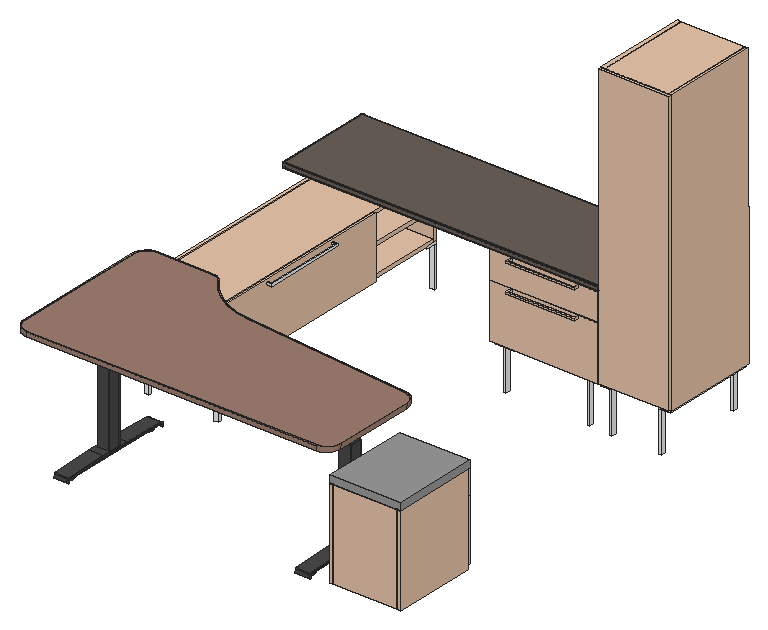
Revit family "OFS TYPICALS T100176", category Furniture, Revit 2022 (continued)
Definition of nested family "OFS STAKS HEIGHT ADJUSTABLE WING TOP Right"
  Definition of nested family "OFS RANGE HEIGHT ADJUSTABLE FRAME KIT"
    Dimensions and locks (in)
      locked: plane 35 to plane 10 at 0.25
      locked: plane 13 to plane 38 at 0.25
      locked: plane 37 to plane 11 at 0.25
      plane 4 "Left" to plane 39 to plane 40 to plane 41 to plane 42 = 0' - 2 1/2" locked, 0' - 0 1/2" locked, 0' - 0 3/4" locked, 0' - 0 1/2" locked
      plane 5 "Right" to plane 43 to plane 44 to plane 45 to plane 46 = 0' - 2 1/2" locked, 0' - 0 1/2" locked, 0' - 0 3/4" locked, 0' - 0 1/2" locked
      aligned and locked: level to plane 1
      aligned and locked: Extrusion 1 sketch curve to plane 14
      aligned and locked: Extrusion 1 sketch curve to plane 12
      aligned and locked: plane 15 to Extrusion 1 sketch curve
      aligned and locked: plane 10 to Extrusion 1 sketch curve
      aligned and locked: Extrusion 2 sketch curve to plane 6
      aligned and locked: plane 4 "Left" to Extrusion 2 sketch curve
      aligned and locked: Extrusion 2 sketch curve to plane 17
      aligned and locked: plane 3 "Front" to Extrusion 2
      aligned and locked: Extrusion 2 to plane 19
      aligned and locked: plane 6 to Extrusion 3 sketch curve
      aligned and locked: Extrusion 3 sketch curve to plane 21
      aligned and locked: Extrusion 3 sketch curve to plane 20
      aligned and locked: plane 22 to Extrusion 3 sketch curve
      aligned and locked: Extrusion 3 sketch curve to plane 6
      aligned and locked: plane 23 to Extrusion 3 sketch curve
      aligned and locked: plane 20 to Extrusion 3 sketch curve
      aligned and locked: Extrusion 3 sketch curve to plane 24
      aligned and locked: Extrusion 3 to plane 17
      aligned and locked: plane 25 to Extrusion 3
      aligned and locked: Extrusion 4 to plane 25
      aligned and locked: plane 9 to Extrusion 1
      aligned and locked: plane 27 to Extrusion 5
      aligned and locked: plane 28 to Extrusion 5
      aligned and locked: Extrusion 6 to plane 9
      aligned and locked: plane 27 to Extrusion 6
      aligned and locked: plane 24 to Blend 7 sketch curve  (x2)
      aligned and locked: Blend 7 sketch curve to plane 22  (x2)
      aligned and locked: plane 17 to Blend 7 sketch curve
      aligned and locked: Blend 7 sketch curve to plane 17
      aligned and locked: Blend 7 to plane 28
      aligned and locked: plane 6 to Blend 7
      aligned and locked: Extrusion 1 to plane 29
      aligned and locked: plane 33 to Revolve 8
      aligned and locked: plane 34 to Revolve 9
      aligned and locked: Extrusion 10 to plane 35
      aligned and locked: plane 36 to Extrusion 10
      aligned and locked: Extrusion 11 to plane 35
      aligned and locked: plane 36 to Extrusion 11
      aligned and locked: Extrusion 12 sketch curve to plane 16
      aligned and locked: plane 31 to Extrusion 12
      aligned and locked: Extrusion 12 to plane 32
      aligned and locked: plane 33 to Extrusion 21
      aligned and locked: plane 40 to Extrusion 21
      aligned and locked: plane 34 to Extrusion 26
      aligned and locked: plane 40 to Extrusion 26
      aligned and locked: plane 2 "Center Left/Right" to Extrusion 4
    Automatic sketch dimensions
      plane 10 to Extrusion 1 sketch curve = 0' - 0 1/8"  (x2)
      Extrusion 1 sketch curve to Extrusion 1 sketch curve = 0' - 0 1/8"  (x2)
      plane 23 to Extrusion 3 sketch curve = 0' - 0 1/8"
      Extrusion 3 sketch curve to Extrusion 3 sketch curve = 0' - 0 1/8"  (x3)
      Extrusion 3 sketch curve to plane 24 = 0' - 0 1/8"
      plane 20 to Extrusion 3 sketch curve = 0' - 0 1/8"
      Extrusion 3 sketch curve to plane 22 = 0' - 0 1/8"
      plane 21 to Extrusion 3 sketch curve = 0' - 0 1/8"
      plane 10 to Extrusion 6 sketch curve = 0' - 0 1/8"
      Extrusion 6 sketch curve to Extrusion 6 sketch curve = 0' - 0 1/8"  (x2)
      plane 15 to Extrusion 6 sketch curve = 0' - 0 1/8"
      Extrusion 6 sketch curve to plane 12 = 0' - 0 1/4"  (x2)
      Extrusion 6 sketch curve to plane 12 = 0' - 0 1/8"
      Extrusion 6 sketch curve to plane 14 = 0' - 0 1/8"
      Revolve 8 sketch curve to plane 16 = 0' - 0"
      level to Revolve 8 sketch curve = 0' - 0.03937"
      Revolve 8 sketch curve to plane 39 = 0' - 0.13403"
      plane 39 to Revolve 8 sketch curve = 0' - 0.04527"
      plane 40 to Revolve 8 sketch curve = 0' - 0 3/8"
      Revolve 8 sketch curve to Revolve 8 sketch curve = 0' - 0.15632"
      Revolve 8 sketch curve to Revolve 8 sketch curve = 0' - 0"  (x2)
      Revolve 8 sketch curve to level = 0' - 1.46063"
      Revolve 9 sketch curve to plane 16 = 0' - 0"
      level to Revolve 9 sketch curve = 0' - 0.03937"
      Revolve 9 sketch curve to plane 39 = 0' - 0.13403"
      plane 39 to Revolve 9 sketch curve = 0' - 0.04527"
      plane 40 to Revolve 9 sketch curve = 0' - 0 3/8"
      Revolve 9 sketch curve to Revolve 9 sketch curve = 0' - 0.15632"
      Revolve 9 sketch curve to Revolve 9 sketch curve = 0' - 0"  (x2)
      Revolve 9 sketch curve to level = 0' - 1.46063"
      Extrusion 14 sketch curve to Extrusion 14 sketch curve = 0' - 1.10599"
      Extrusion 14 sketch curve to Extrusion 14 sketch curve = 0' - 0.01799"
      Extrusion 14 sketch curve to Extrusion 14 sketch curve = 0' - 0.02227"
      Extrusion 14 sketch curve to Extrusion 14 sketch curve = 0' - 0.04564"
      Extrusion 14 sketch curve to Extrusion 14 sketch curve = 0' - 0.02843"
      Extrusion 14 sketch curve to Extrusion 14 sketch curve = 0' - 0.04493"
      Extrusion 14 sketch curve to Extrusion 14 sketch curve = 0' - 0.25775"
      Extrusion 14 sketch curve to Extrusion 14 sketch curve = 0' - 0.27859"
      Extrusion 14 sketch curve to Extrusion 14 sketch curve = 0' - 0.01124"
      Extrusion 14 sketch curve to Extrusion 14 sketch curve = 0' - 0.02359"
      Extrusion 14 sketch curve to Extrusion 14 sketch curve = 0' - 0.04388"
      Extrusion 14 sketch curve to Extrusion 14 sketch curve = 0' - 0.01898"
      Extrusion 14 sketch curve to Extrusion 14 sketch curve = 0' - 0.05903"
      Extrusion 15 sketch curve to Extrusion 15 sketch curve = 0' - 0"  (x4)
      Extrusion 15 sketch curve to Extrusion 15 sketch curve = 0' - 0.06204"
      Extrusion 14 sketch curve to Extrusion 14 sketch curve = 0' - 0.02991"
      Extrusion 14 sketch curve to Extrusion 14 sketch curve = 0' - 0.19972"
      Extrusion 14 sketch curve to Extrusion 14 sketch curve = 0' - 0.0659"
      Extrusion 14 sketch curve to Extrusion 14 sketch curve = 0' - 0.07852"
      Extrusion 15 sketch curve to Extrusion 15 sketch curve = 0' - 1.01735"  (x2)
      Extrusion 15 sketch curve to Extrusion 15 sketch curve = 0' - 0.315"
      Extrusion 19 sketch curve to Extrusion 19 sketch curve = 0' - 1.10599"
      Extrusion 19 sketch curve to Extrusion 19 sketch curve = 0' - 0.01799"
      Extrusion 19 sketch curve to Extrusion 19 sketch curve = 0' - 0.02227"
      Extrusion 19 sketch curve to Extrusion 19 sketch curve = 0' - 0.04564"
      Extrusion 19 sketch curve to Extrusion 19 sketch curve = 0' - 0.02843"
      Extrusion 19 sketch curve to Extrusion 19 sketch curve = 0' - 0.04493"
      Extrusion 19 sketch curve to Extrusion 19 sketch curve = 0' - 0.25775"
      Extrusion 19 sketch curve to Extrusion 19 sketch curve = 0' - 0.27859"
      Extrusion 19 sketch curve to Extrusion 19 sketch curve = 0' - 0.01124"
      Extrusion 19 sketch curve to Extrusion 19 sketch curve = 0' - 0.02359"
      Extrusion 19 sketch curve to Extrusion 19 sketch curve = 0' - 0.04388"
      Extrusion 19 sketch curve to Extrusion 19 sketch curve = 0' - 0.01898"
      Extrusion 19 sketch curve to Extrusion 19 sketch curve = 0' - 0.05903"
      Extrusion 20 sketch curve to Extrusion 20 sketch curve = 0' - 0"  (x4)
      Extrusion 20 sketch curve to Extrusion 20 sketch curve = 0' - 0.06204"
      Extrusion 19 sketch curve to Extrusion 19 sketch curve = 0' - 0.02991"
      Extrusion 19 sketch curve to Extrusion 19 sketch curve = 0' - 0.19972"
      Extrusion 19 sketch curve to Extrusion 19 sketch curve = 0' - 0.0659"
      Extrusion 19 sketch curve to Extrusion 19 sketch curve = 0' - 0.07852"
      Extrusion 20 sketch curve to Extrusion 20 sketch curve = 0' - 1.01735"  (x2)
      Extrusion 20 sketch curve to Extrusion 20 sketch curve = 0' - 0.315"
      Extrusion 24 sketch curve to Extrusion 24 sketch curve = 0' - 1.10599"
      Extrusion 24 sketch curve to Extrusion 24 sketch curve = 0' - 0.01799"
      Extrusion 24 sketch curve to Extrusion 24 sketch curve = 0' - 0.02227"
      Extrusion 24 sketch curve to Extrusion 24 sketch curve = 0' - 0.04564"
      Extrusion 24 sketch curve to Extrusion 24 sketch curve = 0' - 0.02843"
      Extrusion 24 sketch curve to Extrusion 24 sketch curve = 0' - 0.04493"
      Extrusion 24 sketch curve to Extrusion 24 sketch curve = 0' - 0.25775"
      Extrusion 24 sketch curve to Extrusion 24 sketch curve = 0' - 0.27859"
      Extrusion 24 sketch curve to Extrusion 24 sketch curve = 0' - 0.01124"
      Extrusion 24 sketch curve to Extrusion 24 sketch curve = 0' - 0.02359"
      Extrusion 24 sketch curve to Extrusion 24 sketch curve = 0' - 0.04388"
      Extrusion 24 sketch curve to Extrusion 24 sketch curve = 0' - 0.01898"
      Extrusion 24 sketch curve to Extrusion 24 sketch curve = 0' - 0.05903"
      Extrusion 25 sketch curve to Extrusion 25 sketch curve = 0' - 0"  (x4)
      Extrusion 25 sketch curve to Extrusion 25 sketch curve = 0' - 0.06204"
      Extrusion 24 sketch curve to Extrusion 24 sketch curve = 0' - 0.02991"
      Extrusion 24 sketch curve to Extrusion 24 sketch curve = 0' - 0.19972"
      Extrusion 24 sketch curve to Extrusion 24 sketch curve = 0' - 0.0659"
      Extrusion 24 sketch curve to Extrusion 24 sketch curve = 0' - 0.07852"
      Extrusion 25 sketch curve to Extrusion 25 sketch curve = 0' - 1.01735"  (x2)
      Extrusion 25 sketch curve to Extrusion 25 sketch curve = 0' - 0.315"
      Extrusion 2 sketch curve to plane 20 = 0' - 0"
      plane 4 "Left" to Extrusion 2 sketch curve = 0' - 0 1/8"  (x2)
      Extrusion 2 sketch curve to plane 17 = 0' - 0 1/8"
      Extrusion 2 sketch curve to Extrusion 2 sketch curve = 0' - 0 1/8"
      plane 23 to Extrusion 4 sketch curve = 0' - 0 1/8"
      Extrusion 4 sketch curve to plane 24 = 0' - 0 1/8"
      Extrusion 4 sketch curve to plane 22 = 0' - 0 1/8"
      plane 21 to Extrusion 4 sketch curve = 0' - 0 1/8"
      plane 20 to Extrusion 4 sketch curve = 0' - 0 1/8"  (x2)
      Extrusion 4 sketch curve to plane 6 = 0' - 0 1/8"  (x2)
      Extrusion 5 sketch curve to plane 35 = 0' - 0 1/4"
      plane 36 to Extrusion 5 sketch curve = 0' - 0 1/4"
      plane 14 to Extrusion 5 sketch curve = 0' - 0 1/4"
      Extrusion 5 sketch curve to plane 15 = 0' - 0 1/4"
      Blend 7 sketch curve to plane 30 = 0' - 0.00061"
      plane 36 to Blend 7 sketch curve = 0' - 1.43794"
      plane 36 to Blend 7 sketch curve = 0' - 4.28347"
      Extrusion 10 sketch curve to plane 29 = 0' - 0"
      Extrusion 10 sketch curve to plane 31 = 0' - 0"
      Extrusion 10 sketch curve to plane 31 = 0' - 0.0836"
      Extrusion 10 sketch curve to plane 31 = 0' - 0.13694"
      Extrusion 10 sketch curve to Extrusion 10 sketch curve = 0' - 0.14159"
      Extrusion 10 sketch curve to Extrusion 10 sketch curve = 0' - 0.03297"
      Extrusion 10 sketch curve to Extrusion 10 sketch curve = 0' - 0.04475"
      Extrusion 10 sketch curve to plane 21 = 0' - 0.26938"
      Extrusion 10 sketch curve to Extrusion 10 sketch curve = 0' - 0.00433"
      Extrusion 10 sketch curve to plane 23 = 0' - 0.20408"
      Extrusion 10 sketch curve to plane 29 = 0' - 0.1378"
      Extrusion 10 sketch curve to Extrusion 10 sketch curve = 0' - 0.07896"
      plane 32 to Extrusion 10 sketch curve = 0' - 0.30374"
      Extrusion 10 sketch curve to Extrusion 10 sketch curve = 0' - 0.00684"
      Extrusion 10 sketch curve to Extrusion 10 sketch curve = 0' - 0.04308"
      plane 32 to Extrusion 10 sketch curve = 0' - 0.1513"
      plane 32 to Extrusion 10 sketch curve = 0' - 0.11802"
      plane 32 to Extrusion 10 sketch curve = 0' - 0.01482"
      Extrusion 10 sketch curve to plane 29 = 0' - 0.3626"
      Extrusion 10 sketch curve to plane 29 = 0' - 0.37186"
      Extrusion 10 sketch curve to Extrusion 10 sketch curve = 0' - 0.13624"
      Extrusion 10 sketch curve to Extrusion 10 sketch curve = 0' - 0.14014"
      Extrusion 10 sketch curve to Extrusion 10 sketch curve = 0' - 0.02534"
      Extrusion 10 sketch curve to Extrusion 10 sketch curve = 0' - 0.02609"
      Extrusion 11 sketch curve to plane 32 = 0' - 0.82098"
      plane 32 to Extrusion 11 sketch curve = 0' - 0.15166"
      plane 32 to Extrusion 11 sketch curve = 0' - 0.26066"
      Extrusion 11 sketch curve to plane 29 = 0' - 0.1378"
      Extrusion 11 sketch curve to plane 23 = 0' - 0.28304"
      Extrusion 11 sketch curve to plane 21 = 0' - 0.26505"
      Extrusion 11 sketch curve to plane 31 = 0' - 0.22518"
      Extrusion 11 sketch curve to plane 31 = 0' - 0.13866"
      plane 31 to Extrusion 11 sketch curve = 0' - 0.17902"
      Extrusion 11 sketch curve to plane 29 = 0' - 0.49883"
      Extrusion 11 sketch curve to plane 29 = 0' - 0.512"
      Extrusion 11 sketch curve to plane 16 = 0' - 0.15839"  (x2)
      plane 29 to Extrusion 11 sketch curve = 0' - 0.71661"
      Extrusion 12 sketch curve to plane 10 = 0' - 0"
      Extrusion 12 sketch curve to plane 12 = 0' - 0"
      Extrusion 12 sketch curve to plane 29 = 0' - 0"
      plane 10 to Extrusion 12 sketch curve = 0' - 0.23324"
      Extrusion 12 sketch curve to plane 39 = 0' - 0.02418"
      plane 42 to Extrusion 12 sketch curve = 0' - 0.02418"
      plane 16 to Extrusion 12 sketch curve = 0' - 0.18952"  (x2)
      Extrusion 12 sketch curve to plane 12 = 0' - 0.23324"
      radius of Extrusion 13 sketch curve = 0' - 0.97"
      radius of Extrusion 16 sketch curve = 0' - 0 5/16"
      radius of Extrusion 17 sketch curve = 0' - 0.97"
      radius of Extrusion 18 sketch curve = 0' - 0.97"
      radius of Extrusion 21 sketch curve = 0' - 0 5/16"
      radius of Extrusion 22 sketch curve = 0' - 0.97"
      radius of Extrusion 23 sketch curve = 0' - 0.97"
      radius of Extrusion 26 sketch curve = 0' - 0 5/16"
      radius of Extrusion 27 sketch curve = 0' - 0.97"
